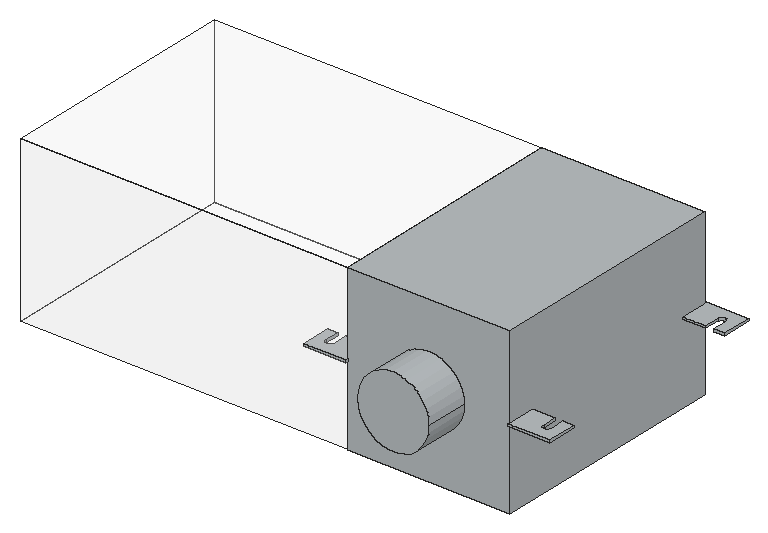
Revit family "1_天吊埋込タイプ 標準 単相100V_3相200V", category 機械設備, Revit 2019
Family settings
  丸型コネクタ寸法 = 直径を使用
  パーツ タイプ = 割り込み
  OmniClass 番号 = 23.75.35.17.27
  OmniClass タイトル = Centrifugal Fans
  作業面ベース = いいえ
  常に垂直 = はい
  ロード時にボイドで切り取り = いいえ
  共有 = いいえ
  部屋計算ポイント = はい
Parameters (values of type "BFS-15SG")
  騒音レベル(dB(A))_吸込 = 28.5
  騒音レベル(dB(A))_吐出 = 32
  騒音レベル(dB(A))_側面 = 18
  騒音レベル(dB(A)) = 32
  風量 [instance] = 設計風量  # 0.0 m³/h
  電源種別 [instance] = "一般"
  電圧 = 100 V
  電動機出力 = 8 W
  電動機_種別 [instance] = ""
  運転質量 = 0.00 kg
  連動 [instance] = ""
  質量 = if(製品質量 > 運転質量, 製品質量, 運転質量) * 1.2  # 7.20 kg
  負荷分類 = 3_ファン類
  説明 = "ストレートシロッコファン天吊埋込タイプ（標準形）"
  設計風量 [instance] = 0.0 m³/h
  設置方法 = "天吊"
  記号 [instance] = ""
  製造元 = "三菱電機株式会社"
  製品質量 = 6.00 kg
  製品出荷対象 = "国内"
  製品リリース年月 = "2018年4月23日"
  製品グループ = ""
  系統 [instance] = ""
  符号 [instance] = if(☑給気／□排気, "FS", "FE")  # "FE"
  積算_科目 = "2 換気設備"
  積算_拾い区分 [instance] = ""
  相 = 1
  盤記号 [instance] = ""
  盤工事区分 = "電気工事"
  発停方法 [instance] = "別売スイッチ"
  番手 = "#1"
  特殊仕様 [instance] = ""
  火災停止 = ""
  消費電力 = 20.5 W
  法定耐用年数 = "15"
  機外静圧 [instance] = 0.0 Pa
  極数 = 2
  極 = 4
  材質 [instance] = ""
  本体マテリアル = 溶融亜鉛めっき鋼板
  操作・制御方式 = ""
  操作・制御スイッチ = ""
  排気量 [instance] = if(☑給気／□排気, 0.0 m³/h, 設計風量)  # 0.0 m³/h
  形式 = ""
  形名 = BFS-SG : BFS-15SG
  幹線記号 [instance] = ""
  対象室 [instance] = ""
  実風量 = 0.0 m³/h
  始動方式 [instance] = "直入"
  外気量 [instance] = if(☑給気／□排気, 設計風量, 0.0 m³/h)  # 0.0 m³/h
  呼称 = "消音ボックス付送風機"
  周波数 = 50 Hz
  天吊金具ピッチ幅 = 299 mm
  天吊金具ピッチ奥行 = 300 mm
  参照している仕様書等のバージョン = ""
  分類コード = "50052502100020"
  分類グループ = ""
  価格 = 30900
  企業コード = "108420"
  付属品_防振装置 = ""
  付属品 [instance] = ""
  仕様書バージョン = "Version1.0"
  モデル = "BFS-15SG"
  ファンの種類 = "多翼形"
  ダクト径 = 100 mm
  サービススペース = yes
  コメント [instance] = ""
  Keynote = ""
  ☑給気／□排気 [instance] = no
  Width = 223 mm
  Version = ""
  Uniclass2015Version = "Systems v1.9"
  Uniclass2015Title = "Centrifugal fans"
  Uniclass2015Code = "Pr_65_67_29_12"
  URL = "https://www.mitsubishielectric.co.jp/ldg/wink/ssl/displayProduct.do?pid=292977"
  SpecificationReference = ""
  SpecificationDescription = ""
  Revision = ""
  ProductInformation = ""
  OmniClassCode = "23-33 31 19 13 15"
  MIN風量 = 108.0 m³/h
  MIN静圧 = 19.0 Pa
  MID風量 = 0.0 m³/h
  MID静圧 = 0.0 Pa
  MAX風量 = 150.0 m³/h
  MAX静圧 = 39.0 Pa
  M = 100 mm
  IfcTypeProduct = ""
  IfcProduct = ""
  IfcExportType = "CENTRIFUGALFORWARDCURVED"
  IfcExportAs = "IfcFanType"
  Height = 225 mm
  Depth = 335 mm
  Clearance Top = 0 mm  # constant formula
  Clearance Right = 0 mm  # constant formula
  Clearance Left = 450 mm  # constant formula
  Clearance Front = 0 mm  # constant formula
  Clearance Bottom = 0 mm  # constant formula
  Clearance Back = 0 mm  # constant formula
  Author = "三菱電機株式会社"
Types (18, lengths in mm): name | 騒音レベル(dB(A))_吸込 | 騒音レベル(dB(A))_吐出 | 騒音レベル(dB(A))_側面 | 騒音レベル(dB(A)) | 電圧 | 電動機出力 | 質量 | 製品質量 | 製品リリース年月 | 相 | 番手 | 消費電力 | 極数 | 形名 | 天吊金具ピッチ幅 | 天吊金具ピッチ奥行 | 参照している仕様書等のバージョン | 価格 | モデル | ダクト径 | Width | URL | MIN風量 | MIN静圧 | MAX風量 | MAX静圧 | M | Height | Depth
  BFS-15SG | 28.5 | 32 | 18 | 32 | 100 V | 8 W | 7.20 kg | 6.00 kg | "2018年4月23日" | 1 | "#1" | 20.5 W | 2 | BFS-SG : BFS-15SG | 299 | 300 | "" | 30900 | "BFS-15SG" | 100 | 223 | "https://www.mitsubishielectric.co.jp/ldg/wink/ssl/displayProduct.do?pid=292977" | 108.0 m³/h | 19.0 Pa | 150.0 m³/h | 39.0 Pa | 100 | 225 | 335
  BFS-30SG | 36 | 40 | 22 | 40 | 100 V | 16 W | 7.20 kg | 6.00 kg | "2018年4月23日" | 1 | "#1" | 37 W | 2 | BFS-SG : BFS-30SG | 299 | 300 | "" | 44700 | "BFS-30SG" | 150 | 223 | "https://www.mitsubishielectric.co.jp/ldg/wink/ssl/displayProduct.do?pid=292983" | 201.0 m³/h | 18.0 Pa | 300.0 m³/h | 39.0 Pa | 100 | 225 | 335
  BFS-40SG | 37.5 | 43 | 25.5 | 43 | 100 V | 25 W | 9.60 kg | 8.00 kg | "2018年4月23日" | 1 | "#1 1/4" | 57 W | 2 | BFS-SG : BFS-40SG | 331 | 353 | "" | 52800 | "BFS-40SG" | 150 | 255 | "https://www.mitsubishielectric.co.jp/ldg/wink/ssl/displayProduct.do?pid=292985" | 291.0 m³/h | 30.0 Pa | 400.0 m³/h | 59.0 Pa | 100 | 255 | 388
  BFS-50SG | 36 | 48 | 24 | 48 | 100 V | 45 W | 12.60 kg | 10.50 kg | "2018年4月23日" | 1 | "#1 1/4" | 73.5 W | 2 | BFS-SG : BFS-50SG | 401 | 388 | "公共建築工事標準仕様書（機械設備工事編）平成31年度版" | 74800 | "BFS-50SG" | 200 | 325 | "https://www.mitsubishielectric.co.jp/ldg/wink/ssl/displayProduct.do?pid=292987" | 418.0 m³/h | 97.0 Pa | 500.0 m³/h | 130.0 Pa | 100 | 255 | 423
  BFS-65SG | 36 | 51 | 27 | 51 | 100 V | 65 W | 15.60 kg | 13.00 kg | "2018年4月23日" | 1 | "#1 1/4" | 105 W | 2 | BFS-SG : BFS-65SG | 449 | 453 | "公共建築工事標準仕様書（機械設備工事編）平成31年度版" | 79400 | "BFS-65SG" | 200 | 373 | "https://www.mitsubishielectric.co.jp/ldg/wink/ssl/displayProduct.do?pid=292989" | 546.0 m³/h | 83.0 Pa | 650.0 m³/h | 118.0 Pa | 100 | 305 | 488
  BFS-80SG | 39 | 52 | 28.5 | 52 | 100 V | 80 W | 16.20 kg | 13.50 kg | "2018年4月23日" | 1 | "#1 1/4" | 137 W | 2 | BFS-SG : BFS-80SG | 449 | 453 | "公共建築工事標準仕様書（機械設備工事編）平成31年度版" | 83900 | "BFS-80SG" | 200 | 373 | "https://www.mitsubishielectric.co.jp/ldg/wink/ssl/displayProduct.do?pid=292991" | 650.0 m³/h | 64.0 Pa | 800.0 m³/h | 98.0 Pa | 100 | 305 | 488
  BFS-90SG | 39.5 | 55 | 31.5 | 55 | 100 V | 110 W | 18.60 kg | 15.50 kg | "2018年4月23日" | 1 | "#1 1/2" | 160 W | 2 | BFS-SG : BFS-90SG | 469 | 453 | "公共建築工事標準仕様書（機械設備工事編）平成31年度版" | 88500 | "BFS-90SG" | 200 | 393 | "https://www.mitsubishielectric.co.jp/ldg/wink/ssl/displayProduct.do?pid=292995" | 745.0 m³/h | 88.0 Pa | 900.0 m³/h | 128.0 Pa | 100 | 305 | 488
  BFS-100SG | 42 | 57 | 32.5 | 57 | 100 V | 160 W | 19.20 kg | 16.00 kg | "2018年4月23日" | 1 | "#1 1/2" | 198 W | 2 | BFS-SG : BFS-100SG | 469 | 453 | "公共建築工事標準仕様書（機械設備工事編）平成31年度版" | 93600 | "BFS-100SG" | 200 | 393 | "https://www.mitsubishielectric.co.jp/ldg/wink/ssl/displayProduct.do?pid=292965" | 914.0 m³/h | 121.0 Pa | 1000.0 m³/h | 145.0 Pa | 100 | 305 | 488
  BFS-120SG | 45.5 | 58 | 34 | 58 | 100 V | 200 W | 23.40 kg | 19.50 kg | "2018年4月23日" | 1 | "#1 1/2" | 277 W | 2 | BFS-SG : BFS-120SG | 467 | 555 | "公共建築工事標準仕様書（機械設備工事編）平成31年度版" | 102100 | "BFS-120SG" | 250 | 391 | "https://www.mitsubishielectric.co.jp/ldg/wink/ssl/displayProduct.do?pid=292969" | 1088.0 m³/h | 180.0 Pa | 1200.0 m³/h | 220.0 Pa | 100 | 350 | 590
  BFS-150SG | 49 | 61.5 | 36.5 | 61.5 | 100 V | 340 W | 23.40 kg | 19.50 kg | "2018年4月23日" | 1 | "#1 1/2" | 388 W | 2 | BFS-SG : BFS-150SG | 467 | 555 | "公共建築工事標準仕様書（機械設備工事編）平成31年度版" | 108200 | "BFS-150SG" | 250 | 391 | "https://www.mitsubishielectric.co.jp/ldg/wink/ssl/displayProduct.do?pid=292973" | 1350.0 m³/h | 145.0 Pa | 1500.0 m³/h | 180.0 Pa | 100 | 350 | 590
  BFS-180TG | 49 | 63.5 | 38 | 63.5 | 200 V | 360 W | 27.00 kg | 22.50 kg | "2018年4月23日" | 3 | "#1 1/2" | 445 W | 3 | BFS-TG : BFS-180TG | 552 | 610 | "公共建築工事標準仕様書（機械設備工事編）平成31年度版" | 123900 | "BFS-180TG" | 250 | 476 | "https://www.mitsubishielectric.co.jp/ldg/wink/ssl/displayProduct.do?pid=292979" | 0.0 m³/h | 0.0 Pa | 1800.0 m³/h | 167.0 Pa | 85 | 350 | 645
  BFS-210TG | 52.5 | 66.5 | 39 | 66.5 | 200 V | 490 W | 27.00 kg | 22.50 kg | "2018年4月23日" | 3 | "#1 1/2" | 516 W | 3 | BFS-TG : BFS-210TG | 552 | 610 | "公共建築工事標準仕様書（機械設備工事編）平成31年度版" | 176400 | "BFS-210TG" | 300 | 476 | "https://www.mitsubishielectric.co.jp/ldg/wink/ssl/displayProduct.do?pid=292981" | 0.0 m³/h | 0.0 Pa | 2100.0 m³/h | 191.0 Pa | 100 | 350 | 645
  BFS-240TA | 51.5 | 69 | 42 | 69 | 200 V | 1100 W | 39.60 kg | 33.00 kg | "2003年4月" | 3 | "#1 1/2" | 610 W | 3 | BFS-TG : BFS-240TA | 602 | 664 | "公共建築工事標準仕様書（機械設備工事編）平成31年度版" | 182000 | "BFS-240TA" | 300 | 493 | "https://www.mitsubishielectric.co.jp/ldg/wink/ssl/displayProduct.do?pid=41986" | 0.0 m³/h | 0.0 Pa | 2400.0 m³/h | 220.0 Pa | 100 | 373 | 717
  BFS-80TG | 39 | 52 | 31 | 52 | 200 V | 80 W | 18.00 kg | 15.00 kg | "2018年4月23日" | 3 | "#1 1/4" | 124 W | 3 | BFS-TG : BFS-80TG | 449 | 453 | "公共建築工事標準仕様書（機械設備工事編）平成31年度版" | 83900 | "BFS-80TG" | 200 | 373 | "https://www.mitsubishielectric.co.jp/ldg/wink/ssl/displayProduct.do?pid=292993" | 595.0 m³/h | 54.0 Pa | 800.0 m³/h | 98.0 Pa | 85 | 305 | 488
  BFS-90TG | 40 | 55 | 32 | 55 | 200 V | 100 W | 18.60 kg | 15.50 kg | "2018年4月23日" | 3 | "#1 1/2" | 159 W | 3 | BFS-TG : BFS-90TG | 469 | 453 | "公共建築工事標準仕様書（機械設備工事編）平成31年度版" | 88500 | "BFS-90TG" | 200 | 393 | "https://www.mitsubishielectric.co.jp/ldg/wink/ssl/displayProduct.do?pid=292964" | 700.0 m³/h | 77.0 Pa | 900.0 m³/h | 128.0 Pa | 85 | 305 | 488
  BFS-100TG | 42 | 57 | 32.5 | 57 | 200 V | 150 W | 18.60 kg | 15.50 kg | "2018年4月23日" | 3 | "#1 1/2" | 180 W | 3 | BFS-TG : BFS-100TG | 469 | 453 | "公共建築工事標準仕様書（機械設備工事編）平成31年度版" | 93600 | "BFS-100TG" | 200 | 393 | "https://www.mitsubishielectric.co.jp/ldg/wink/ssl/displayProduct.do?pid=292967" | 800.0 m³/h | 92.0 Pa | 1000.0 m³/h | 145.0 Pa | 85 | 305 | 488
  BFS-120TG | 45.5 | 58 | 34.5 | 58 | 200 V | 180 W | 23.40 kg | 19.50 kg | "2018年4月23日" | 3 | "#1 1/2" | 275 W | 3 | BFS-TG : BFS-120TG | 467 | 555 | "公共建築工事標準仕様書（機械設備工事編）平成31年度版" | 102100 | "BFS-120TG" | 250 | 391 | "https://www.mitsubishielectric.co.jp/ldg/wink/ssl/displayProduct.do?pid=292971" | 895.0 m³/h | 120.0 Pa | 1200.0 m³/h | 220.0 Pa | 85 | 350 | 590
  BFS-150TG | 48.5 | 61.5 | 37 | 61.5 | 200 V | 280 W | 24.00 kg | 20.00 kg | "2018年4月23日" | 3 | "#1 1/2" | 355 W | 3 | BFS-TG : BFS-150TG | 467 | 555 | "公共建築工事標準仕様書（機械設備工事編）平成31年度版" | 108200 | "BFS-150TG" | 250 | 391 | "https://www.mitsubishielectric.co.jp/ldg/wink/ssl/displayProduct.do?pid=292975" | 1165.0 m³/h | 108.0 Pa | 1500.0 m³/h | 180.0 Pa | 85 | 350 | 590
Reference planes
  plane 1 "中心(正面/背面)": y = 0
  plane 2: z = 0
  plane 3 "中心(左/右)": x = -50
  plane 4 "左": x = -161.5
  plane 5 "右": x = 61.5
  plane 6 "背面": y = 167.5
  plane 7 "正面": y = -167.5
  plane 8: z = 112.5
  plane 9: y = 150
  plane 10: y = -150
  plane 11: x = 99.5
  plane 12: x = -199.5
  plane 13: z = -112.5
  plane 14: y = 167.5
  plane 15: y = -167.5
  plane 16: x = 61.5
  plane 17: x = -611.5
  plane 18: z = 112.5
  plane 19: z = -112.5
Dimensions and locks
  "Width": plane 4 "左" to plane 5 "右"
  equal spacing: plane 7 "正面", plane 1 "中心(正面/背面)", plane 6 "背面"
  "Depth": plane 7 "正面" to plane 6 "背面"
  equal spacing: plane 8, level, plane 13
  "Height": plane 8 to plane 13
  "Clearance Top": plane 18 to plane 8
  "Clearance Bottom": plane 13 to plane 19
  "Clearance Back": plane 6 "背面" to plane 14
  "Clearance Front": plane 15 to plane 7 "正面"
  "Clearance Left": plane 17 to plane 4 "左"
  "Clearance Right": plane 5 "右" to plane 16
  "天吊金具ピッチ幅": plane 12 to plane 11
  equal spacing: plane 10, plane 1 "中心(正面/背面)", plane 9
  "天吊金具ピッチ奥行": plane 10 to plane 9
  equal spacing: plane 12, plane 3 "中心(左/右)", plane 11
  equal spacing: plane 4 "左", plane 3 "中心(左/右)", plane 5 "右"
  aligned and locked: level to plane 2
  aligned and locked: nested 2 to plane 9
  aligned and locked: plane 10 to nested 2
  aligned and locked: plane 12 to nested 2
  aligned and locked: plane 11 to nested 2
  aligned and locked: plane 8 to nested 1
  aligned and locked: nested 1 to plane 13
  aligned and locked: plane 17 to nested 3
  aligned and locked: plane 18 to nested 3
  aligned and locked: plane 19 to nested 3
  aligned and locked: plane 1 "中心(正面/背面)" to nested 1
  aligned and locked: plane 14 to nested 3
  aligned and locked: plane 15 to nested 3
  aligned and locked: plane 4 "左" to nested 3
  aligned and locked: nested 1 to plane 3 "中心(左/右)"
Nested families
  nested 1: "BFS-SG" at (-50, 0, -112.5) x (0, -1, 0) z (0, 0, 1), type <- "形名", type "BFS-15SG"
  nested 2: "固定点" at (-199.5, -150, 0), type "固定点"
    with W 299 mm, D 300 mm
  nested 3: "サービススペース" at (-386.5, 0, 0), visible <- "サービススペース", type "サービススペース"
    with Width 450 mm, Height 225 mm, Depth 335 mm
Connectors
  hvac at (-50, -227.5, 0), driven by "ダクト径", driven by "機外静圧", driven by "風量"
    settings: on nested 1, index 2, duct flow 0.0 m³/h, flow factor 0, pres drop 0.0 Pa, loss coef 0, conn angle 0.00°, conn width 304.8 mm, conn height 304.8 mm, conn diameter 100 mm, duct sys type 29, conn prof type 0, flow config 0, flow direction 2, loss method 4, conn ref index -1, conn util no, is conn primary yes, conn desc "Out"
  hvac at (-50, 227.5, 0), driven by "ダクト径", driven by "機外静圧", driven by "風量"
    settings: on nested 1, index 3, duct flow 0.0 m³/h, flow factor 0, pres drop 0.0 Pa, loss coef 0, conn angle 0.00°, conn width 304.8 mm, conn height 304.8 mm, conn diameter 100 mm, duct sys type 29, conn prof type 0, flow config 0, flow direction 1, loss method 4, conn ref index -1, conn util no, is conn primary no, conn desc "In"
  electrical at (-182.1, -48.05, -20.1), driven by "極数", driven by "負荷分類", driven by "電圧", driven by "消費電力", driven by "消費電力"
    settings: on nested 1, index 4, voltage 100 V, apparent load 20.5 VA, apparent load phase1 20.5 VA, apparent load phase2 0 VA, apparent load phase3 0 VA, power factor 1, load classification "3_ファン類", number of poles 2, system type 30, power factor state 1, is connector primary yes, connector utility no, sub classification motor no, connector description ""
Definition of nested family "BFS-SG"
  Parameters (values of type "BFS-15SG")
    端子カバー高 = 99 mm  # constant formula
    端子カバー手前位置 = 53.7 mm
    端子カバー幅 = 20.6 mm  # constant formula
    端子カバー奥行 = 131.5 mm  # constant formula
    端子カバー上位置 = 83.1 mm
    マテリアル = none
    φ = 98 mm
    Φ = 110 mm
    b = 234 mm
    a = 60 mm
    W = 335 mm
    H = 225 mm
    c = 42 mm
    D = 223 mm
  Types (10, lengths in mm): name | 端子カバー手前位置 | 端子カバー上位置 | φ | Φ | b | a | W | H | c | D
    BFS-15SG | 53.7 | 83.1 | 98 | 110 | 234 | 60 | 335 | 225 | 42 | 223
    BFS-30SG | 53.7 | 83.1 | 142 | 160 | 234 | 70 | 335 | 225 | 42 | 223
    BFS-40SG | 62.3 | 106.7 | 142 | 160 | 291 | 70 | 388 | 255 | 51 | 255
    BFS-50SG | 62.3 | 106.7 | 192 | 208 | 264 | 85 | 423 | 255 | 51 | 325
    BFS-65SG | 63.9 | 139.9 | 192 | 208 | 391 | 85 | 488 | 305 | 52 | 373
    BFS-80SG | 63.9 | 139.9 | 192 | 208 | 391 | 85 | 488 | 305 | 52 | 373
    BFS-90SG | 63.9 | 139 | 192 | 208 | 391 | 85 | 488 | 305 | 52 | 393
    BFS-100SG | 63.9 | 139 | 192 | 208 | 391 | 85 | 488 | 305 | 52 | 393
    BFS-120SG | 81.3 | 54.9 | 242 | 258 | 391 | 85 | 590 | 350 | 70 | 391
    BFS-150SG | 81.3 | 54.9 | 242 | 258 | 391 | 85 | 590 | 350 | 70 | 391
  Reference planes
    plane 1 "中心(正面/背面)": y = 0
    plane 2: z = 0
    plane 3 "中心(左/右)": x = 0
    plane 4: y = 111.5
    plane 5: y = 149.5
    plane 6: y = 169.5
    plane 7: y = -111.5
    plane 8: y = -149.5
    plane 9: y = -169.5
    plane 10: x = -167.5
    plane 11: x = -150
    plane 12: x = -170.5
    plane 13: x = 167.5
    plane 14: x = 150
    plane 15: x = 170.5
    plane 16: z = 225
    plane 17: z = 600
    plane 18: z = 900
    plane 19: z = 1200
    plane 20: x = -120.2
    plane 21: x = 113.8
    plane 22: x = 227.5
    plane 23: x = -227.5
    plane 24: z = 112.5
    plane 25: z = 109.5
    plane 26: z = 71.5
    plane 27: x = -129.5
    plane 28: y = -114.5
    plane 29: z = 94.5
    plane 30: x = 129.5
    plane 31: y = 114.5
    plane 32: x = -17.7
    plane 33: z = 141.9
    plane 34: z = 42.9
    plane 35: y = -132.1
    plane 36: z = 131.9
    plane 37: z = 52.9
    plane 38: x = 93.8
    plane 39: x = 2.3
  Forms (mm)
    Extrusion 1, solid, material <- "マテリアル", detail levels fine
      sketch origin (0, 0, 0) x (1, 0, 0) y (0, 1, 0)
        loop
          line (-167.5, 111.5) -> (-167.5, -111.5) -> (167.5, -111.5) -> (167.5, 111.5) -> (-167.5, 111.5)
      from 0 to 225
    Extrusion 2, solid, material <- "マテリアル", detail levels fine
      sketch origin (0, 0, 0) x (1, 0, 0) y (0, 1, 0)
        loop
          line (-170.5, -111.5) -> (-170.5, -169.5) -> (-129.5, -169.5) -> (-129.5, -155) -> (-150, -155)
          arc (-150, -155) -> (-155.5, -149.5) -> (-150, -144) r 5.5
          line (-150, -144) -> (-129.5, -144) -> (-129.5, -111.5) -> (-170.5, -111.5)
      from 109.5 to 112.5
    Extrusion 3, solid, material <- "マテリアル", detail levels fine
      sketch origin (0, 0, 0) x (1, 0, 0) y (0, 1, 0)
        loop
          line (-170.5, 111.5) -> (-129.5, 111.5) -> (-129.5, 144) -> (-150, 144)
          arc (-150, 144) -> (-155.5, 149.5) -> (-150, 155) r 5.5
          line (-150, 155) -> (-129.5, 155) -> (-129.5, 169.5) -> (-170.5, 169.5) -> (-170.5, 111.5)
      from 109.5 to 112.5
    Extrusion 4, solid, material <- "マテリアル", detail levels fine
      sketch origin (0, 0, 0) x (-1, 0, 0) y (0, -1, 0)
        loop
          line (-170.5, -111.5) -> (-170.5, -169.5) -> (-129.5, -169.5) -> (-129.5, -155) -> (-150, -155)
          arc (-150, -155) -> (-155.5, -149.5) -> (-150, -144) r 5.5
          line (-150, -144) -> (-129.5, -144) -> (-129.5, -111.5) -> (-170.5, -111.5)
      from 109.5 to 112.5
    Extrusion 5, solid, material <- "マテリアル", detail levels fine
      sketch origin (0, 0, 0) x (-1, 0, 0) y (0, -1, 0)
        loop
          line (-170.5, 111.5) -> (-129.5, 111.5) -> (-129.5, 144) -> (-150, 144)
          arc (-150, 144) -> (-155.5, 149.5) -> (-150, 155) r 5.5
          line (-150, 155) -> (-129.5, 155) -> (-129.5, 169.5) -> (-170.5, 169.5) -> (-170.5, 111.5)
      from 109.5 to 112.5
    Extrusion 6, solid, material <- "マテリアル", detail levels fine
      sketch origin (0, 0, 0) x (0, 1, 0) y (0, 0, 1)
        loop
          circle (0, 112.5) r 49
      from -167.5 to -227.5
    Extrusion 7, solid, material <- "マテリアル", detail levels fine
      sketch origin (0, 0, 0) x (0, 1, 0) y (0, 0, -1)
        loop
          circle (0, -112.5) r 49
      from -167.5 to -227.5
    Extrusion 8, solid, material <- "マテリアル", detail levels fine
      sketch origin (0, 0, 0) x (1, 0, 0) y (0, 0, 1)
        loop
          line (113.8, 141.9) -> (-17.7, 141.9) -> (-17.7, 42.9) -> (113.8, 42.9) -> (113.8, 141.9)
      from 111.5 to 132.1
  Dimensions and locks
    plane 12 to plane 15 = 341 mm
    plane 11 to plane 14 = 300 mm
    "W": plane 10 to plane 13
    plane 9 to plane 6 = 339 mm
    plane 8 to plane 5 = 299 mm
    "D": plane 7 to plane 4
    equal spacing: plane 7, plane 1 "中心(正面/背面)", plane 4
    equal spacing: plane 10, plane 3 "中心(左/右)", plane 13
    "H": plane 16 to level
    locked: plane 4 to plane 5 at 38
    locked: plane 5 to plane 6 at 20
    locked: plane 8 to plane 7 at 38
    locked: plane 9 to plane 8 at 20
    locked: plane 10 to plane 11 at 17.5
    locked: plane 14 to plane 13 at 17.5
    locked: plane 13 to plane 15 at 3
    locked: plane 12 to plane 10 at 3
    equal spacing: plane 16, plane 24, level
    locked: plane 24 to plane 25 at 3
    locked: plane 24 to plane 26 at 41
    locked: plane 12 to plane 27 at 41
    locked: plane 28 to plane 7 at 3
    locked: plane 25 to plane 29 at 15
    locked: plane 30 to plane 15 at 41
    locked: plane 31 to plane 4 at 3
    "a": plane 23 to plane 10
    "a": plane 13 to plane 22
    "端子カバー手前位置": plane 13 to plane 21
    "b": plane 21 to plane 20
    "端子カバー奥行": plane 21 to plane 32
    "端子カバー高": plane 33 to plane 34
    "端子カバー幅": plane 35 to plane 7
    locked: plane 33 to plane 36 at 10
    locked: plane 37 to plane 34 at 10
    locked: plane 39 to plane 32 at 20
    locked: plane 21 to plane 38 at 20
    "端子カバー上位置": plane 16 to plane 33
    "φ": diameter of Extrusion 6 sketch curve
    "φ": diameter of Extrusion 7 sketch curve
    aligned and locked: level to plane 2
    aligned and locked: plane 4 to Extrusion 1 sketch curve
    aligned and locked: plane 10 to Extrusion 1 sketch curve
    aligned and locked: Extrusion 1 sketch curve to plane 7
    aligned and locked: Extrusion 1 sketch curve to plane 13
    aligned and locked: plane 16 to Extrusion 1
    aligned and locked: plane 7 to Extrusion 2 sketch curve
    aligned and locked: plane 12 to Extrusion 2 sketch curve
    aligned and locked: Extrusion 2 sketch curve to plane 9
    aligned and locked: Extrusion 2 sketch curve to plane 27  (x2)
    aligned and locked: plane 11 to Extrusion 2 sketch curve
    aligned and locked: plane 8 to Extrusion 2 sketch curve
    aligned and locked: plane 24 to Extrusion 2
    aligned and locked: Extrusion 2 to plane 25
    aligned and locked: plane 27 to Extrusion 3 sketch curve  (x2)
    aligned and locked: plane 5 to Extrusion 3 sketch curve
    aligned and locked: plane 11 to Extrusion 3 sketch curve
    aligned and locked: Extrusion 3 sketch curve to plane 6
    aligned and locked: Extrusion 3 sketch curve to plane 12
    aligned and locked: plane 4 to Extrusion 3 sketch curve
    aligned and locked: plane 24 to Extrusion 3
    aligned and locked: Extrusion 3 to plane 25
    aligned and locked: Extrusion 4 to plane 6
    aligned and locked: plane 15 to Extrusion 4
    aligned and locked: Extrusion 4 to plane 30
    aligned and locked: plane 30 to Extrusion 4 sketch curve  (x2)
    aligned and locked: plane 6 to Extrusion 4 sketch curve
    aligned and locked: Extrusion 4 sketch curve to plane 15
    aligned and locked: plane 5 to Extrusion 4 sketch curve
    aligned and locked: plane 14 to Extrusion 4 sketch curve
    aligned and locked: Extrusion 4 sketch curve to plane 4
    aligned and locked: Extrusion 4 to plane 25
    aligned and locked: plane 24 to Extrusion 4
    aligned and locked: plane 9 to Extrusion 5 sketch curve
    aligned and locked: plane 15 to Extrusion 5 sketch curve
    aligned and locked: Extrusion 5 sketch curve to plane 7
    aligned and locked: Extrusion 5 sketch curve to plane 30  (x2)
    aligned and locked: plane 14 to Extrusion 5 sketch curve
    aligned and locked: plane 8 to Extrusion 5 sketch curve
    aligned and locked: Extrusion 5 to plane 25
    aligned and locked: plane 24 to Extrusion 5
    aligned and locked: plane 1 "中心(正面/背面)" to Extrusion 6 sketch curve
    aligned and locked: plane 24 to Extrusion 6 sketch curve
    aligned and locked: Extrusion 6 to plane 23
    aligned and locked: plane 24 to Extrusion 7 sketch curve
    aligned and locked: plane 1 "中心(正面/背面)" to Extrusion 7 sketch curve
    aligned and locked: plane 22 to Extrusion 7
    aligned and locked: plane 33 to Extrusion 8 sketch curve
    aligned and locked: plane 21 to Extrusion 8 sketch curve
    aligned and locked: Extrusion 8 sketch curve to plane 34
    aligned and locked: Extrusion 8 sketch curve to plane 32
    aligned and locked: Extrusion 8 to plane 7
    aligned and locked: plane 35 to Extrusion 8
    aligned and locked: Extrusion 7 to plane 13
    aligned and locked: plane 10 to Extrusion 6
  Automatic sketch dimensions
    Extrusion 2 sketch curve to plane 11 = 0 mm
    plane 8 to Extrusion 2 sketch curve = 5.5 mm
    Extrusion 3 sketch curve to plane 11 = 0 mm
    plane 5 to Extrusion 3 sketch curve = 5.5 mm
    Extrusion 4 sketch curve to plane 14 = 0 mm
    Extrusion 4 sketch curve to plane 5 = 5.5 mm
    Extrusion 5 sketch curve to plane 14 = 0 mm
    Extrusion 5 sketch curve to plane 8 = 5.5 mm
Definition of nested family "サービススペース"
  Parameters (values of type "サービススペース")
    Width [instance] = 500 mm
    Height [instance] = 500 mm
    Depth [instance] = 500 mm
  Reference planes
    plane 1 "中心(正面/背面)": y = 0
    plane 2: z = 0
    plane 3 "中心(左/右)": x = 0
    plane 4: y = -250
    plane 5: x = 250
    plane 6: y = 250
    plane 7: x = -250
    plane 8: z = 250
    plane 9: z = -250
  Forms (mm)
    Extrusion 1, solid
      sketch origin (-638.939, 0, 72.39) x (1, 0, 0) y (0, 1, 0)
        loop
          line (388.939, 250) -> (388.939, -250) -> (888.939, -250) -> (888.939, 250) -> (388.939, 250)
      from -322.39 to 177.61
  Lines and regions (mm)
    symbolic lines
      curve 1: line (-250, 0, 250) -> (250, 0, 250)
      curve 2: line (-250, 0, -250) -> (-250, 0, 250)
      curve 3: line (250, 0, -250) -> (-250, 0, -250)
      curve 4: line (250, 0, 250) -> (250, 0, -250)
      curve 5: line (0, -250, 250) -> (0, 250, 250)
      curve 6: line (0, -250, -250) -> (0, -250, 250)
      curve 7: line (0, 250, -250) -> (0, -250, -250)
      curve 8: line (0, 250, 250) -> (0, 250, -250)
      curve 9: line (-250, 250, 0) -> (250, 250, 0)
      curve 10: line (-250, -250, 0) -> (-250, 250, 0)
      curve 11: line (250, -250, 0) -> (-250, -250, 0)
      curve 12: line (250, 250, 0) -> (250, -250, 0)
  Dimensions and locks
    equal spacing: plane 7, plane 3 "中心(左/右)", plane 5
    equal spacing: plane 4, plane 1 "中心(正面/背面)", plane 6
    "Depth": plane 4 to plane 6
    "Width": plane 7 to plane 5
    equal spacing: plane 8, plane 2, plane 9
    "Height": plane 8 to plane 9
    aligned and locked: plane 9 to curve 3
    aligned and locked: plane 7 to curve 2
    aligned and locked: curve 4 to plane 5
    aligned and locked: plane 5 to Extrusion 1
    aligned and locked: Extrusion 1 to plane 7
    aligned and locked: Extrusion 1 to plane 9
    aligned and locked: plane 8 to Extrusion 1
    aligned and locked: plane 9 to curve 7
  Automatic sketch dimensions
    plane 4 to Extrusion 1 sketch curve = 0 mm
    Extrusion 1 sketch curve to plane 7 = 0 mm
    Extrusion 1 sketch curve to plane 5 = 0 mm
    plane 6 to Extrusion 1 sketch curve = 0 mm
    curve 2 to plane 8 = 0 mm
    plane 4 to curve 11 = 0 mm
    curve 11 to plane 7 = 0 mm
    curve 11 to plane 5 = 0 mm
    plane 6 to curve 10 = 0 mm
    curve 7 to plane 4 = 0 mm
    curve 7 to plane 6 = 0 mm
    curve 6 to plane 8 = 0 mm
Definition of nested family "固定点"
  Parameters (values of type "固定点")
    中心円 = 11 mm
    W [instance] = 1000 mm
    D [instance] = 1000 mm
  Reference planes
    plane 1 "中心(正面/背面)": y = 0
    plane 2: z = 0
    plane 3 "中心(左/右)": x = 0
    plane 4: x = 1000
    plane 5: y = 1000
  Lines and regions (mm)
    symbolic lines, detail levels fine
      curve 1: circle (0, 1000, 0) r 5.5 normal (0, 0, 1)
      curve 2: circle (0, 0, 0) r 5.5 normal (0, 0, 1)
      curve 3: circle (1000, 1000, 0) r 5.5 normal (0, 0, 1)
      curve 4: circle (1000, 0, 0) r 5.5 normal (0, 0, 1)
      curve 5: line (-200, 1000, 0) -> (1200, 1000, 0)
      curve 6: line (-200, 0, 0) -> (1200, 0, 0)
      curve 7: line (0, 1200, 0) -> (0, -200, 0)
      curve 8: line (1000, 1200, 0) -> (1000, -200, 0)
  Dimensions and locks
    "W": plane 3 "中心(左/右)" to plane 4
    "D": plane 1 "中心(正面/背面)" to plane 5
    "中心円": diameter of curve 1
    "中心円": diameter of curve 2
    "中心円": diameter of curve 3
    "中心円": diameter of curve 4
    aligned and locked: level to plane 2
    aligned and locked: plane 5 to curve 1
    aligned and locked: plane 3 "中心(左/右)" to curve 1
    aligned and locked: plane 3 "中心(左/右)" to curve 2
    aligned and locked: plane 1 "中心(正面/背面)" to curve 2
    aligned and locked: plane 4 to curve 3
    aligned and locked: plane 5 to curve 3
    aligned and locked: plane 1 "中心(正面/背面)" to curve 4
    aligned and locked: plane 4 to curve 4
    aligned and locked: plane 1 "中心(正面/背面)" to curve 6
    aligned and locked: curve 7 to plane 3 "中心(左/右)"
    aligned and locked: curve 8 to plane 4
  Automatic sketch dimensions
    curve 5 to plane 5 = 0 mm
    curve 6 to plane 3 "中心(左/右)" = 200 mm
    curve 5 to plane 3 "中心(左/右)" = 200 mm
    curve 4 to curve 6 = 200 mm
    curve 3 to curve 5 = 200 mm
    plane 1 "中心(正面/背面)" to curve 8 = 200 mm
    plane 1 "中心(正面/背面)" to curve 7 = 200 mm
    curve 3 to curve 8 = 200 mm
    curve 1 to curve 7 = 200 mm
